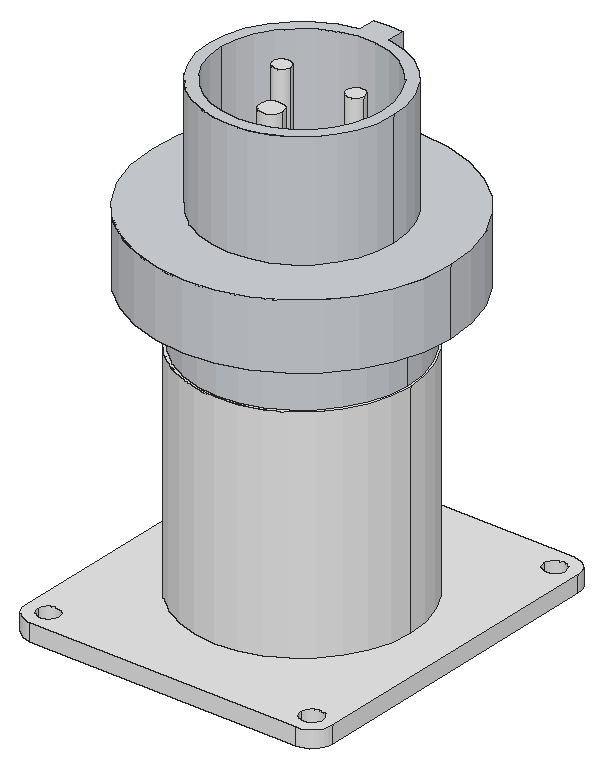
Revit family "Building-IEC309Connections-GEWISS-IEC309HP-STRAIGHT_FLUSH_MOUNT_INLET_16A_IP67", category Apparecchi elettrici, host Superficie, Revit 2019
Family settings
  Host = Superficie
  Mantenere orientamento annotazione = Sì
  Quota connettore circolare = Usa diametro
  Tipo di parte = Normale
  Taglio con vuoti quando caricato = No
  Condiviso = Sì
  Punto di calcolo locali = Sì
Parameters (values of type "GW60233 - IP67 APPL.INLET 3P+N+E 16A 500V 7H")
  simbolo acceso [instance] = yes
  distanza_simbolo [instance] = 1 mm
  distanza dal piano [instance] = 10 mm
  W = 115 mm  # constant formula
  Version file RFA = "21.11"
  URL = "https://www.gewiss.com/ww/en"
  Typology = "Straight flush mounting inlet"
  Type of wiring = "With screw"
  Total number of operations = "-5000"
  Thermo-pressure with ball = "125 °C (active parts) - 80 °C (passive parts)"
  Terminal tightening capacity = "1-2.5mm² flexible cables - 1.5-4mm² rigid cables"
  Technical sheet = "https://www.gewiss.com/ww/en/search?q=GW60233"
  Spostamento_effettivo_S [instance] = 4000 mm - Spostamento_S  # 3037.5 mm
  Spostamento_S = 962.5 mm
  Shock resistance = "IK08"
  SPinotto = Default(2)
  SEO = "Inlet"
  Reference h = "7"
  Realized by GEWISS S.p.A. = ""
  Rated voltage = "480-500V"
  Rated current (A) = "16"
  Default Elevation = 1219.2 mm
  Produttore = "GEWISS S.p.A."
  Piastra = Default(2)
  Permissible overload = "22A"
  Operating temperature: = "-25 +55 °C"
  No. of poles = "3P+N+E"
  Modello = "GW60233"
  L = 155 mm  # constant formula
  Insulation resistance = "- 10 M?"
  Immagine tipo = <Nessuno>
  IP degree = "IP67"
  IDT = "0cfa93548eea4873905119c0213666aa"
  IDF = "f0682c25-9ccc-46fc-a849-73bb1b07fa13"
  Glow wire test: = "850 °C (active parts) - 650 °C (passive parts)"
  Frequency = "50/60 Hz"
  Flange dimensions (mm) = "85x75"
  FORMULA = 1000 mm * 1  # 1000 mm
  Electrocod = "2230"
  Descrizione = "IP67 APPL.INLET 3P+N+E 16A 500V 7H"
  Corpo centrale = Default(2)
  Colour: = "Black"
  Catalogue = "BUILDING"
  COBie.Tagnumber = ""
  COBie.CreatedOn = ""
  COBie.CreatebBy = ""
  COBie.ComponentRegisterItemID = ""
  COBie.Component.TagNumber = ""
  COBie.Component.Space = ""
  COBie.Component.SerialNumber = ""
  COBie.Component.InstallationDate = ""
  COBie.Component.Description = ""
  COBie.Component.BarCode = ""
  Breaking capacity at 1.1 Un = "20A"
  BLOCCO = "B=C"
Types (11, lengths in mm): name | Technical sheet | Reference h | Rated voltage | No. of poles | Modello | IDT | Descrizione | Colour:
  GW60223 - IP67 APPL.INLET 2P+E 16A 110V 4H | "https://www.gewiss.com/ww/en/search?q=GW60223" | "4" | "100-130V" | "2P+E" | "GW60223" | "e8f69ed44202470e972f05d82cbebd8d" | "IP67 APPL.INLET 2P+E 16A 110V 4H" | "Yellow"
  GW60224 - IP67 APPL.INLET 3P+E 16A 110V 4H | "https://www.gewiss.com/ww/en/search?q=GW60224" | "4" | "100-130V" | "3P+E" | "GW60224" | "2bda2fbee077411b9379c127a69b4038" | "IP67 APPL.INLET 3P+E 16A 110V 4H" | "Yellow"
  GW60225 - IP67 APPL.INLET 3P+N+E 16A 110V 4H | "https://www.gewiss.com/ww/en/search?q=GW60225" | "4" | "100-130V" | "3P+N+E" | "GW60225" | "1f8fdaaf8c794f11aad271d6d2fe273b" | "IP67 APPL.INLET 3P+N+E 16A 110V 4H" | "Yellow"
  GW60226 - IP67 APPL.INLET 2P+E 16A 230V 6H | "https://www.gewiss.com/ww/en/search?q=GW60226" | "6" | "200-250V" | "2P+E" | "GW60226" | "98a952fc694448c3a1ac3df4136432a5" | "IP67 APPL.INLET 2P+E 16A 230V 6H" | "Blue"
  GW60227 - IP67 APPL.INLET 3P+E 16A 230V 9H | "https://www.gewiss.com/ww/en/search?q=GW60227" | "9" | "200-250V" | "3P+E" | "GW60227" | "70ae3698095f44e092d1db17e541740a" | "IP67 APPL.INLET 3P+E 16A 230V 9H" | "Blue"
  GW60228 - IP67 APPL.INLET 3P+N+E 16A 230V 9H | "https://www.gewiss.com/ww/en/search?q=GW60228" | "9" | "200-250V" | "3P+N+E" | "GW60228" | "0b1c7b6866c44c62965e14c6ea4ab41a" | "IP67 APPL.INLET 3P+N+E 16A 230V 9H" | "Blue"
  GW60229 - IP67 APPL.INLET 2P+E 16A 400V 9H | "https://www.gewiss.com/ww/en/search?q=GW60229" | "9" | "380-415V" | "2P+E" | "GW60229" | "f54093b3afc64954a35d3c90362d82f1" | "IP67 APPL.INLET 2P+E 16A 400V 9H" | "Red"
  GW60230 - IP67 APPL.INLET 3P+E 16A 400V 6H | "https://www.gewiss.com/ww/en/search?q=GW60230" | "6" | "380-415V" | "3P+E" | "GW60230" | "796aa8cc2d6246d5802f8df8a17ee31b" | "IP67 APPL.INLET 3P+E 16A 400V 6H" | "Red"
  GW60231 - IP67 APPL.INLET 3P+N+E 16A 400V 6H | "https://www.gewiss.com/ww/en/search?q=GW60231" | "6" | "380-415V" | "3P+N+E" | "GW60231" | "7ae55065b4ac435abc8c2399e135823c" | "IP67 APPL.INLET 3P+N+E 16A 400V 6H" | "Red"
  GW60232 - IP67 APPL.INLET 3P+E 16A 500V 7H | "https://www.gewiss.com/ww/en/search?q=GW60232" | "7" | "480-500V" | "3P+E" | "GW60232" | "1085b8c1ab6843f5a9ba420450fd7a4f" | "IP67 APPL.INLET 3P+E 16A 500V 7H" | "Black"
  GW60233 - IP67 APPL.INLET 3P+N+E 16A 500V 7H | "https://www.gewiss.com/ww/en/search?q=GW60233" | "7" | "480-500V" | "3P+N+E" | "GW60233" | "0cfa93548eea4873905119c0213666aa" | "IP67 APPL.INLET 3P+N+E 16A 500V 7H" | "Black"
Reference planes
  plane 1 "Centro (Fronte/Retro)": y = 0
  plane 2: z = 0
  plane 3 "Centro (Sinistra/Destra)": x = 0
  plane 4: x = -3000
  plane 5: x = 37.5
  plane 6: z = 10
Dimensions and locks
  plane 4 to plane 3 "Centro (Sinistra/Destra)" = 3000 mm
  "Spostamento_effettivo_S": plane 4 to plane 5
  "distanza dal piano": plane 6 to plane 2
  aligned and locked: plane 2 to host face
  aligned and locked: level to host face
  aligned and locked: plane 3 "Centro (Sinistra/Destra)" to nested 1
  aligned and locked: plane 1 "Centro (Fronte/Retro)" to nested 1
  aligned and locked: nested 2 to plane 5
  aligned and locked: nested 1 to host face
Automatic sketch dimensions
  host sketch curve to host sketch curve = 2438.4 mm  (x2)
Nested families
  nested 1: "IEC309 SPINE FISSE INCASSO DIRITTE 16A IP67_base" at (0, 0, 0), type "IEC309 SPINE FISSE INCASSO DIRITTE 16A IP67_base"
  nested 2: "simbolo_circuito_GW60201" at (37.5, 171.559, 0), visible <- "simbolo acceso", Distanza dal muro <- "distanza_simbolo", type "3P"
    with SIMBOLO ACCESO yes, Distanza dal muro 1 mm
Connectors
  electrical at (37.5, 42.5, 0)
    settings: on nested 1, index 1, voltage 0 V, apparent load 0 VA, apparent load phase1 0 VA, apparent load phase2 0 VA, apparent load phase3 0 VA, power factor 1, load classification "Altro", number of poles 1, system type 31, power factor state 1, is connector primary yes, connector utility no, sub classification motor no, connector description ""
Definition of nested family "IEC309 SPINE FISSE INCASSO DIRITTE 16A IP67_base"
  Parameters (values of type "IEC309 SPINE FISSE INCASSO DIRITTE 16A IP67_base")
    h = 85 mm
    dis_base = 58 mm
    Spinotto = none
    PIASTRA = none
    Lunghezza totale = 116 mm
    CENTRALE = none
    Bsae = 75 mm
  Reference planes
    plane 1 "Centro (Fronte/Retro)": y = 0
    plane 2: z = 0
    plane 3 "Centro (Sinistra/Destra)": x = 0
    plane 4 "EEE": through (4267.2, -291.041, 143.375) normal (0, -0.788, -0.6157)
    plane 5: x = 48
    plane 6: x = 75
    plane 7: y = 85
    plane 8: z = 4
    plane 9: y = 79.607
    plane 10: x = 69.724
    plane 11: x = 5.276
    plane 12: y = 5.392
    plane 13: y = 33.178
    plane 14: x = 37.5
    plane 15: y = 47.668
    plane 16: x = 28.5
    plane 17: x = 46.5
    plane 18: y = 42.5
    plane 19: z = 58
    plane 20: z = 72
    plane 21: z = 88
    plane 22: z = 116
    plane 23: z = 113.786
  Forms (mm)
    Extrusion 1, solid, material <- "PIASTRA"
      sketch origin (0, 0, 0) x (1, 0, 0) y (0, 1, 0)
        loop
          arc (5, 85) -> (1.464, 83.536) -> (0, 80) r 5
          line (0, 80) -> (0, 5)
          arc (0, 5) -> (1.464, 1.464) -> (5, 0) r 5
          line (5, 0) -> (70, 0)
          arc (70, 0) -> (73.536, 1.464) -> (75, 5) r 5
          line (75, 5) -> (75, 80)
          arc (75, 80) -> (73.536, 83.536) -> (70, 85) r 5
          line (70, 85) -> (5, 85)
      from 0 to 4
    Extrusion 2, void
      sketch origin (0, 0, 0) x (1, 0, 0) y (0, 1, 0)
        loop
          circle (5.276, 79.607) r 2.665
        loop
          circle (69.724, 79.607) r 2.602
        loop
          circle (69.724, 5.392) r 2.692
        loop
          circle (5.276, 5.392) r 2.603
      from 0 to 4
    Extrusion 3, solid, material <- "CENTRALE"
      sketch origin (0, 0, 0) x (1, 0, 0) y (0, 1, 0)
        loop
          circle (37.5, 42.5) r 26.675
      from 4 to 58
    Extrusion 4, solid
      sketch origin (0, 0, 0) x (1, 0, 0) y (0, 1, 0)
        loop
          circle (37.5, 42.5) r 26
      from 58 to 72
    Extrusion 5, solid
      sketch origin (0, 0, 0) x (1, 0, 0) y (0, 1, 0)
        loop
          circle (37.5, 42.5) r 36.5
      from 72 to 88
    Extrusion 6, solid
      sketch origin (0, 0, 0) x (1, 0, 0) y (0, 1, 0)
        loop
          circle (37.5, 42.5) r 22.572
        loop
          circle (37.5, 42.5) r 19.816
      from 88 to 116
    Extrusion 7, solid, material <- "Spinotto"
      sketch origin (0, 0, 0) x (1, 0, 0) y (0, 1, 0)
        loop
          circle (28.5, 47.668) r 2.069
        loop
          circle (46.5, 47.668) r 2.139
        loop
          circle (37.5, 33.178) r 2.694
      from 88 to 113.786
    Extrusion 8, solid
      sketch origin (0, 0, 0) x (1, 0, 0) y (0, 1, 0)
        loop
          line (41.032, 64.794) -> (41.032, 68.927)
          arc (41.032, 68.927) -> (37.451, 69.174) -> (33.871, 68.927) r 26.002
          line (33.871, 68.927) -> (33.871, 64.778)
          arc (33.871, 64.778) -> (37.451, 65.072) -> (41.032, 64.794) r 22.572
      from 88 to 116
  Cuts and joins
    Extrusion 2 cuts Extrusion 1
    joined: Extrusion 5, Extrusion 6, Extrusion 8
  Lines and regions (mm)
    symbolic lines
      curve 1: line (265.256, 345.85, 0) -> (277.43, 345.85, 0)
  Dimensions and locks
    "Bsae": plane 3 "Centro (Sinistra/Destra)" to plane 6
    "h": plane 1 "Centro (Fronte/Retro)" to plane 7
    locked: plane 8 to level at 4
    locked: plane 3 "Centro (Sinistra/Destra)" to plane 11 at 5.276
    locked: plane 10 to plane 6 at 5.276
    locked: plane 1 "Centro (Fronte/Retro)" to plane 12 at 5.392
    locked: plane 20 to plane 19 at 14
    locked: plane 21 to plane 20 at 16
    "Lunghezza totale": plane 22 to level
    locked: plane 22 to plane 23 at 2.214
    "dis_base": plane 19 to level
    equal spacing: plane 3 "Centro (Sinistra/Destra)", plane 14, plane 6
    locked: plane 16 to plane 14 at 9
    locked: plane 14 to plane 17 at 9
    locked: plane 15 to plane 18 at 5.168
    locked: plane 18 to plane 13 at 9.322
    locked: plane 7 to plane 9 at 5.393
    equal spacing: plane 1 "Centro (Fronte/Retro)", plane 18, plane 7
    radius of Extrusion 1 sketch curve = 5 mm  (x4)
    aligned and locked: level to plane 2
    aligned and locked: Extrusion 1 to level
    aligned and locked: plane 8 to Extrusion 1
    aligned and locked: Extrusion 2 to level
    aligned and locked: plane 8 to Extrusion 2
    aligned and locked: plane 14 to Extrusion 3 sketch curve
    aligned and locked: plane 18 to Extrusion 3 sketch curve
    aligned and locked: Extrusion 3 to plane 8
    aligned and locked: plane 19 to Extrusion 3
    aligned and locked: Extrusion 4 to plane 19
    aligned and locked: plane 20 to Extrusion 4
    aligned and locked: plane 14 to Extrusion 4 sketch curve
    aligned and locked: plane 18 to Extrusion 4 sketch curve
    aligned and locked: plane 18 to Extrusion 5 sketch curve
    aligned and locked: plane 14 to Extrusion 5 sketch curve
    aligned and locked: Extrusion 5 to plane 20
    aligned and locked: Extrusion 5 to plane 21
    aligned and locked: plane 18 to Extrusion 6 sketch curve  (x2)
    aligned and locked: plane 14 to Extrusion 6 sketch curve  (x2)
    aligned and locked: plane 21 to Extrusion 6
    aligned and locked: plane 22 to Extrusion 6
    aligned and locked: plane 15 to Extrusion 7 sketch curve  (x2)
    aligned and locked: plane 14 to Extrusion 7 sketch curve
    aligned and locked: plane 16 to Extrusion 7 sketch curve
    aligned and locked: plane 17 to Extrusion 7 sketch curve
    aligned and locked: plane 21 to Extrusion 7
    aligned and locked: plane 23 to Extrusion 7
    aligned and locked: plane 21 to cut or joined group of Extrusion 5, Extrusion 6, Extrusion 8
    aligned and locked: plane 22 to cut or joined group of Extrusion 5, Extrusion 6, Extrusion 8
  Automatic sketch dimensions
    Extrusion 1 sketch curve to plane 3 "Centro (Sinistra/Destra)" = 0 mm
    Extrusion 1 sketch curve to plane 7 = 0 mm
    plane 1 "Centro (Fronte/Retro)" to Extrusion 1 sketch curve = 0 mm
    Extrusion 1 sketch curve to plane 6 = 0 mm
    Extrusion 2 sketch curve to plane 11 = 0 mm  (x2)
    Extrusion 2 sketch curve to plane 9 = 0 mm  (x2)
    Extrusion 2 sketch curve to plane 10 = 0 mm  (x2)
    Extrusion 2 sketch curve to plane 12 = 0 mm  (x2)
    Extrusion 7 sketch curve to plane 13 = 0 mm
    curve 1 to plane 6 = 190.256 mm
    plane 7 to curve 1 = 260.85 mm
    curve 1 to curve 1 = 12.174 mm
    Extrusion 8 sketch curve to plane 14 = 3.629 mm
    Extrusion 8 sketch curve to plane 14 = 0.049 mm
    plane 18 to Extrusion 8 sketch curve = 0.673 mm
    plane 14 to Extrusion 8 sketch curve = 3.532 mm
    Extrusion 8 sketch curve to Extrusion 8 sketch curve = 4.133 mm
    Extrusion 8 sketch curve to plane 14 = 0 mm
    Extrusion 8 sketch curve to plane 18 = 0 mm
    Extrusion 8 sketch curve to Extrusion 8 sketch curve = 0.016 mm
    radius of Extrusion 2 sketch curve = 2.665 mm
    radius of Extrusion 2 sketch curve = 2.602 mm
    radius of Extrusion 2 sketch curve = 2.692 mm
    radius of Extrusion 2 sketch curve = 2.603 mm
    radius of Extrusion 3 sketch curve = 26.675 mm
    radius of Extrusion 4 sketch curve = 26 mm
    radius of Extrusion 5 sketch curve = 36.5 mm
    radius of Extrusion 6 sketch curve = 22.572 mm
    radius of Extrusion 6 sketch curve = 19.816 mm
    radius of Extrusion 7 sketch curve = 2.069 mm
    radius of Extrusion 7 sketch curve = 2.139 mm
    radius of Extrusion 7 sketch curve = 2.694 mm
Definition of nested family "simbolo_circuito_GW60201"
  Parameters (values of type "3P")
    SIMBOLO ACCESO [instance] = yes
    Distanza dal muro [instance] = 0 mm
  Reference planes
    plane 1: y = 0
    plane 2: x = 0
  Dimensions and locks
    "Distanza dal muro": plane 1 to nested 1
    aligned and locked: plane 2 to nested 1
  Nested families
    nested 1: "simbolo_circuito_GW60201_base" at (0, 0, 0), visible <- "SIMBOLO ACCESO", type "3P"
      with CORNICE SIMBOLO yes
  Definition of nested family "simbolo_circuito_GW60201_base"
    Parameters (values of type "3P")
      CORNICE SIMBOLO [instance] = yes
      3P = yes
    Types (2, lengths in mm): name | 3P
      3P | yes
      2P | no
    Reference planes
      plane 1: y = 0
      plane 2: x = 0
    Lines and regions (mm)
      detail lines
        curve 1: arc (0.298, 0.46, 0) -> (0, 0.758, 0) -> (-0.298, 0.46, 0) r 0.298
        curve 2: arc (0.139, 0.652, 0) -> (0, 0.731, 0) -> (-0.139, 0.652, 0) r 0.163
        curve 3: arc (-0.139, 0.106, 0) -> (0, 0.027, 0) -> (0.139, 0.106, 0) r 0.163
        curve 4: circle (0, 2.381, 0) r 0.05 normal (0, 0, 1)
        curve 5: line (0, 3.386, 0) -> (0, 0.758, 0)
        curve 6: line (-0.139, 0.652, 0) -> (-0.139, 0.106, 0)
        curve 7: line (0.139, 0.652, 0) -> (0.139, 0.106, 0)
      detail lines, not visible
        curve 8: arc (2.679, 0.46, 0) -> (2.381, 0.758, 0) -> (2.083, 0.46, 0) r 0.298
        curve 9: arc (2.52, 0.652, 0) -> (2.381, 0.731, 0) -> (2.241, 0.652, 0) r 0.163
        curve 10: arc (2.241, 0.106, 0) -> (2.381, 0.027, 0) -> (2.52, 0.106, 0) r 0.163
        curve 11: circle (2.381, 2.381, 0) r 0.05 normal (0, 0, 1)
        curve 12: line (2.381, 3.386, 0) -> (2.381, 0.758, 0)
        curve 13: line (2.241, 0.652, 0) -> (2.241, 0.106, 0)
        curve 14: line (2.52, 0.652, 0) -> (2.52, 0.106, 0)
